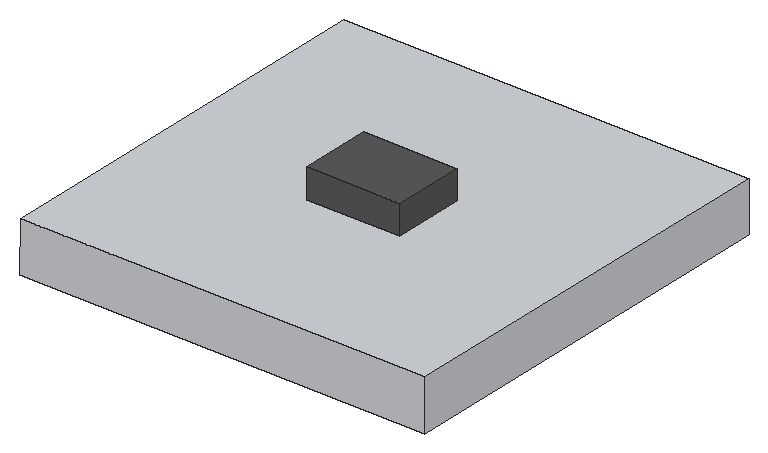
Revit family "r2018_videomax_storage", category Устройства связи, Revit 2018 (continued)
Definition of nested family "videomax_19 4U (JBOD)"
  Lines and regions (mm)
    model lines, visible <- "Front_500", detail levels fine
      curve 4072: line (88.715, 1277.861, 0) -> (88.715, 1290.092, 0)
      curve 4073: line (100.473, 1290.092, 0) -> (103.119, 1290.092, 0)
      curve 4074: line (103.119, 1290.092, 0) -> (103.119, 1277.861, 0)
      curve 4075: line (103.119, 1277.861, 0) -> (100.473, 1277.861, 0)
      curve 4076: line (100.473, 1277.861, 0) -> (100.473, 1290.092, 0)
      curve 4077: line (112.23, 1290.092, 0) -> (114.876, 1290.092, 0)
      curve 4078: line (114.876, 1290.092, 0) -> (114.876, 1277.861, 0)
      curve 4079: line (114.876, 1277.861, 0) -> (112.23, 1277.861, 0)
      curve 4080: line (112.23, 1277.861, 0) -> (112.23, 1290.092, 0)
      curve 4081: line (76.958, 1318.514, 0) -> (79.604, 1318.514, 0)
      curve 4082: line (79.604, 1318.514, 0) -> (79.604, 1306.282, 0)
      curve 4083: line (79.604, 1306.282, 0) -> (76.958, 1306.282, 0)
      curve 4084: line (76.958, 1306.282, 0) -> (76.958, 1318.514, 0)
      curve 4085: line (88.715, 1318.514, 0) -> (91.361, 1318.514, 0)
      curve 4086: line (91.361, 1318.514, 0) -> (91.361, 1306.282, 0)
      curve 4087: line (91.361, 1306.282, 0) -> (88.715, 1306.282, 0)
      curve 4088: line (88.715, 1306.282, 0) -> (88.715, 1318.514, 0)
      curve 4089: line (100.473, 1318.514, 0) -> (103.119, 1318.514, 0)
      curve 4090: line (103.119, 1318.514, 0) -> (103.119, 1306.282, 0)
      curve 4091: line (103.119, 1306.282, 0) -> (100.473, 1306.282, 0)
      curve 4092: line (100.473, 1306.282, 0) -> (100.473, 1318.514, 0)
      curve 4093: line (112.23, 1318.514, 0) -> (114.876, 1318.514, 0)
      curve 4094: line (114.876, 1318.514, 0) -> (114.876, 1306.282, 0)
      curve 4095: line (114.876, 1306.282, 0) -> (112.23, 1306.282, 0)
      curve 4096: line (112.23, 1306.282, 0) -> (112.23, 1318.514, 0)
      curve 4097: line (76.958, 1346.935, 0) -> (79.604, 1346.935, 0)
      curve 4098: line (79.604, 1346.935, 0) -> (79.604, 1334.704, 0)
      curve 4099: line (79.604, 1334.704, 0) -> (76.958, 1334.704, 0)
      curve 4100: line (76.958, 1334.704, 0) -> (76.958, 1346.935, 0)
      curve 4101: line (88.715, 1346.935, 0) -> (91.361, 1346.935, 0)
      curve 4102: line (91.361, 1346.935, 0) -> (91.361, 1334.704, 0)
      curve 4103: line (91.361, 1334.704, 0) -> (88.715, 1334.704, 0)
      curve 4104: line (88.715, 1334.704, 0) -> (88.715, 1346.935, 0)
      curve 4105: line (100.473, 1346.935, 0) -> (103.119, 1346.935, 0)
      curve 4106: line (103.119, 1346.935, 0) -> (103.119, 1334.704, 0)
      curve 4107: line (103.119, 1334.704, 0) -> (100.473, 1334.704, 0)
      curve 4108: line (100.473, 1334.704, 0) -> (100.473, 1346.935, 0)
      curve 4109: line (112.23, 1346.935, 0) -> (114.876, 1346.935, 0)
      curve 4110: line (114.876, 1346.935, 0) -> (114.876, 1334.704, 0)
      curve 4111: line (114.876, 1334.704, 0) -> (112.23, 1334.704, 0)
      curve 4112: line (112.23, 1334.704, 0) -> (112.23, 1346.935, 0)
      curve 4113: line (76.958, 1375.289, 0) -> (79.604, 1375.289, 0)
      curve 4114: line (79.604, 1375.289, 0) -> (79.604, 1363.057, 0)
      curve 4115: line (79.604, 1363.057, 0) -> (76.958, 1363.057, 0)
      curve 4116: line (76.958, 1363.057, 0) -> (76.958, 1375.289, 0)
      curve 4117: line (88.715, 1375.289, 0) -> (91.361, 1375.289, 0)
      curve 4118: line (91.361, 1375.289, 0) -> (91.361, 1363.057, 0)
      curve 4119: line (91.361, 1363.057, 0) -> (88.715, 1363.057, 0)
      curve 4120: line (88.715, 1363.057, 0) -> (88.715, 1375.289, 0)
      curve 4121: line (100.473, 1375.289, 0) -> (103.119, 1375.289, 0)
      curve 4122: line (103.119, 1375.289, 0) -> (103.119, 1363.057, 0)
      curve 4123: line (103.119, 1363.057, 0) -> (100.473, 1363.057, 0)
      curve 4124: line (100.473, 1363.057, 0) -> (100.473, 1375.289, 0)
      curve 4125: line (112.23, 1375.289, 0) -> (114.876, 1375.289, 0)
      curve 4126: line (114.876, 1375.289, 0) -> (114.876, 1363.057, 0)
      curve 4127: line (114.876, 1363.057, 0) -> (112.23, 1363.057, 0)
      curve 4128: line (112.23, 1363.057, 0) -> (112.23, 1375.289, 0)
      curve 4129: line (76.958, 1403.952, 0) -> (79.604, 1403.952, 0)
      curve 4130: line (79.604, 1403.952, 0) -> (79.604, 1391.721, 0)
      curve 4131: line (79.604, 1391.721, 0) -> (76.958, 1391.721, 0)
      curve 4132: line (76.958, 1391.721, 0) -> (76.958, 1403.952, 0)
      curve 4133: line (88.715, 1403.952, 0) -> (91.361, 1403.952, 0)
      curve 4134: line (91.361, 1403.952, 0) -> (91.361, 1391.721, 0)
      curve 4135: line (91.361, 1391.721, 0) -> (88.715, 1391.721, 0)
      curve 4136: line (88.715, 1391.721, 0) -> (88.715, 1403.952, 0)
      curve 4137: line (100.473, 1403.952, 0) -> (103.119, 1403.952, 0)
      curve 4138: line (103.119, 1403.952, 0) -> (103.119, 1391.721, 0)
      curve 4139: line (103.119, 1391.721, 0) -> (100.473, 1391.721, 0)
      curve 4140: line (100.473, 1391.721, 0) -> (100.473, 1403.952, 0)
      curve 4141: line (112.23, 1403.952, 0) -> (114.876, 1403.952, 0)
      curve 4142: line (114.876, 1403.952, 0) -> (114.876, 1391.721, 0)
      curve 4143: line (114.876, 1391.721, 0) -> (112.23, 1391.721, 0)
      curve 4144: line (112.23, 1391.721, 0) -> (112.23, 1403.952, 0)
      curve 4145: line (76.958, 1432.306, 0) -> (79.604, 1432.306, 0)
      curve 4146: line (79.604, 1432.306, 0) -> (79.604, 1420.074, 0)
      curve 4147: line (79.604, 1420.074, 0) -> (76.958, 1420.074, 0)
      curve 4148: line (76.958, 1420.074, 0) -> (76.958, 1432.306, 0)
      curve 4149: line (88.715, 1432.306, 0) -> (91.361, 1432.306, 0)
      curve 4150: line (91.361, 1432.306, 0) -> (91.361, 1420.074, 0)
      curve 4151: line (91.361, 1420.074, 0) -> (88.715, 1420.074, 0)
      curve 4152: line (88.715, 1420.074, 0) -> (88.715, 1432.306, 0)
      curve 4153: line (100.473, 1432.306, 0) -> (103.119, 1432.306, 0)
      curve 4154: line (103.119, 1432.306, 0) -> (103.119, 1420.074, 0)
      curve 4155: line (103.119, 1420.074, 0) -> (100.473, 1420.074, 0)
      curve 4156: line (100.473, 1420.074, 0) -> (100.473, 1432.306, 0)
      curve 4157: line (112.23, 1432.306, 0) -> (114.876, 1432.306, 0)
      curve 4158: line (114.876, 1432.306, 0) -> (114.876, 1420.074, 0)
      curve 4159: line (114.876, 1420.074, 0) -> (112.23, 1420.074, 0)
      curve 4160: line (112.23, 1420.074, 0) -> (112.23, 1432.306, 0)
      curve 4161: line (184.331, 1290.092, 0) -> (186.977, 1290.092, 0)
      curve 4162: line (186.977, 1290.092, 0) -> (186.977, 1277.861, 0)
      curve 4163: line (186.977, 1277.861, 0) -> (184.331, 1277.861, 0)
      curve 4164: line (184.331, 1277.861, 0) -> (184.331, 1290.092, 0)
      curve 4165: line (196.088, 1290.092, 0) -> (198.734, 1290.092, 0)
      curve 4166: line (198.734, 1290.092, 0) -> (198.734, 1277.861, 0)
      curve 4167: line (198.734, 1277.861, 0) -> (196.088, 1277.861, 0)
      curve 4168: line (196.088, 1277.861, 0) -> (196.088, 1290.092, 0)
      curve 4169: line (207.846, 1290.092, 0) -> (210.492, 1290.092, 0)
      curve 4170: line (210.492, 1290.092, 0) -> (210.492, 1277.861, 0)
      curve 4171: line (210.492, 1277.861, 0) -> (207.846, 1277.861, 0)
      curve 4172: line (207.846, 1277.861, 0) -> (207.846, 1290.092, 0)
      curve 4173: line (219.603, 1290.092, 0) -> (222.249, 1290.092, 0)
      curve 4174: line (222.249, 1290.092, 0) -> (222.249, 1277.861, 0)
      curve 4175: line (222.249, 1277.861, 0) -> (219.603, 1277.861, 0)
      curve 4176: line (219.603, 1277.861, 0) -> (219.603, 1290.092, 0)
      curve 4177: line (184.331, 1318.514, 0) -> (186.977, 1318.514, 0)
      curve 4178: line (186.977, 1318.514, 0) -> (186.977, 1306.282, 0)
      curve 4179: line (186.977, 1306.282, 0) -> (184.331, 1306.282, 0)
      curve 4180: line (184.331, 1306.282, 0) -> (184.331, 1318.514, 0)
      curve 4181: line (196.088, 1318.514, 0) -> (198.734, 1318.514, 0)
      curve 4182: line (198.734, 1318.514, 0) -> (198.734, 1306.282, 0)
      curve 4183: line (198.734, 1306.282, 0) -> (196.088, 1306.282, 0)
      curve 4184: line (196.088, 1306.282, 0) -> (196.088, 1318.514, 0)
      curve 4185: line (207.846, 1318.514, 0) -> (210.492, 1318.514, 0)
      curve 4186: line (210.492, 1318.514, 0) -> (210.492, 1306.282, 0)
      curve 4187: line (210.492, 1306.282, 0) -> (207.846, 1306.282, 0)
      curve 4188: line (207.846, 1306.282, 0) -> (207.846, 1318.514, 0)
      curve 4189: line (219.603, 1318.514, 0) -> (222.249, 1318.514, 0)
      curve 4190: line (222.249, 1318.514, 0) -> (222.249, 1306.282, 0)
      curve 4191: line (222.249, 1306.282, 0) -> (219.603, 1306.282, 0)
      curve 4192: line (219.603, 1306.282, 0) -> (219.603, 1318.514, 0)
      curve 4193: line (184.331, 1346.935, 0) -> (186.977, 1346.935, 0)
      curve 4194: line (186.977, 1346.935, 0) -> (186.977, 1334.704, 0)
      curve 4195: line (186.977, 1334.704, 0) -> (184.331, 1334.704, 0)
      curve 4196: line (184.331, 1334.704, 0) -> (184.331, 1346.935, 0)
      curve 4197: line (196.088, 1346.935, 0) -> (198.734, 1346.935, 0)
      curve 4198: line (198.734, 1346.935, 0) -> (198.734, 1334.704, 0)
      curve 4199: line (198.734, 1334.704, 0) -> (196.088, 1334.704, 0)
      curve 4200: line (196.088, 1334.704, 0) -> (196.088, 1346.935, 0)
      curve 4201: line (207.846, 1346.935, 0) -> (210.492, 1346.935, 0)
      curve 4202: line (210.492, 1346.935, 0) -> (210.492, 1334.704, 0)
      curve 4203: line (210.492, 1334.704, 0) -> (207.846, 1334.704, 0)
      curve 4204: line (207.846, 1334.704, 0) -> (207.846, 1346.935, 0)
      curve 4205: line (219.603, 1346.935, 0) -> (222.249, 1346.935, 0)
      curve 4206: line (222.249, 1346.935, 0) -> (222.249, 1334.704, 0)
      curve 4207: line (222.249, 1334.704, 0) -> (219.603, 1334.704, 0)
      curve 4208: line (219.603, 1334.704, 0) -> (219.603, 1346.935, 0)
      curve 4209: line (184.331, 1375.289, 0) -> (186.977, 1375.289, 0)
      curve 4210: line (186.977, 1375.289, 0) -> (186.977, 1363.057, 0)
      curve 4211: line (186.977, 1363.057, 0) -> (184.331, 1363.057, 0)
      curve 4212: line (184.331, 1363.057, 0) -> (184.331, 1375.289, 0)
      curve 4213: line (196.088, 1375.289, 0) -> (198.734, 1375.289, 0)
      curve 4214: line (198.734, 1375.289, 0) -> (198.734, 1363.057, 0)
      curve 4215: line (198.734, 1363.057, 0) -> (196.088, 1363.057, 0)
      curve 4216: line (196.088, 1363.057, 0) -> (196.088, 1375.289, 0)
      curve 4217: line (207.846, 1375.289, 0) -> (210.492, 1375.289, 0)
      curve 4218: line (210.492, 1375.289, 0) -> (210.492, 1363.057, 0)
      curve 4219: line (210.492, 1363.057, 0) -> (207.846, 1363.057, 0)
      curve 4220: line (207.846, 1363.057, 0) -> (207.846, 1375.289, 0)
      curve 4221: line (219.603, 1375.289, 0) -> (222.249, 1375.289, 0)
      curve 4222: line (222.249, 1375.289, 0) -> (222.249, 1363.057, 0)
      curve 4223: line (222.249, 1363.057, 0) -> (219.603, 1363.057, 0)
      curve 4224: line (219.603, 1363.057, 0) -> (219.603, 1375.289, 0)
      curve 4225: line (184.331, 1403.952, 0) -> (186.977, 1403.952, 0)
      curve 4226: line (186.977, 1403.952, 0) -> (186.977, 1391.721, 0)
      curve 4227: line (186.977, 1391.721, 0) -> (184.331, 1391.721, 0)
      curve 4228: line (184.331, 1391.721, 0) -> (184.331, 1403.952, 0)
      curve 4229: line (196.088, 1403.952, 0) -> (198.734, 1403.952, 0)
      curve 4230: line (198.734, 1403.952, 0) -> (198.734, 1391.721, 0)
      curve 4231: line (198.734, 1391.721, 0) -> (196.088, 1391.721, 0)
      curve 4232: line (196.088, 1391.721, 0) -> (196.088, 1403.952, 0)
      curve 4233: line (207.846, 1403.952, 0) -> (210.492, 1403.952, 0)
      curve 4234: line (210.492, 1403.952, 0) -> (210.492, 1391.721, 0)
      curve 4235: line (210.492, 1391.721, 0) -> (207.846, 1391.721, 0)
      curve 4236: line (207.846, 1391.721, 0) -> (207.846, 1403.952, 0)
      curve 4237: line (219.603, 1403.952, 0) -> (222.249, 1403.952, 0)
      curve 4238: line (222.249, 1403.952, 0) -> (222.249, 1391.721, 0)
      curve 4239: line (222.249, 1391.721, 0) -> (219.603, 1391.721, 0)
      curve 4240: line (219.603, 1391.721, 0) -> (219.603, 1403.952, 0)
      curve 4241: line (184.331, 1432.306, 0) -> (186.977, 1432.306, 0)
      curve 4242: line (186.977, 1432.306, 0) -> (186.977, 1420.074, 0)
      curve 4243: line (186.977, 1420.074, 0) -> (184.331, 1420.074, 0)
      curve 4244: line (184.331, 1420.074, 0) -> (184.331, 1432.306, 0)
      curve 4245: line (196.088, 1432.306, 0) -> (198.734, 1432.306, 0)
      curve 4246: line (198.734, 1432.306, 0) -> (198.734, 1420.074, 0)
      curve 4247: line (198.734, 1420.074, 0) -> (196.088, 1420.074, 0)
      curve 4248: line (196.088, 1420.074, 0) -> (196.088, 1432.306, 0)
      curve 4249: line (207.846, 1432.306, 0) -> (210.492, 1432.306, 0)
      curve 4250: line (210.492, 1432.306, 0) -> (210.492, 1420.074, 0)
      curve 4251: line (210.492, 1420.074, 0) -> (207.846, 1420.074, 0)
      curve 4252: line (207.846, 1420.074, 0) -> (207.846, 1432.306, 0)
      curve 4253: line (219.603, 1432.306, 0) -> (222.249, 1432.306, 0)
      curve 4254: line (222.249, 1432.306, 0) -> (222.249, 1420.074, 0)
      curve 4255: line (222.249, 1420.074, 0) -> (219.603, 1420.074, 0)
      curve 4256: line (219.603, 1420.074, 0) -> (219.603, 1432.306, 0)
      curve 4257: line (291.704, 1290.092, 0) -> (294.35, 1290.092, 0)
      curve 4258: line (294.35, 1290.092, 0) -> (294.35, 1277.861, 0)
      curve 4259: line (294.35, 1277.861, 0) -> (291.704, 1277.861, 0)
      curve 4260: line (291.704, 1277.861, 0) -> (291.704, 1290.092, 0)
      curve 4261: line (303.461, 1290.092, 0) -> (306.107, 1290.092, 0)
      curve 4262: line (306.107, 1290.092, 0) -> (306.107, 1277.861, 0)
      curve 4263: line (306.107, 1277.861, 0) -> (303.461, 1277.861, 0)
      curve 4264: line (303.461, 1277.861, 0) -> (303.461, 1290.092, 0)
      curve 4265: line (315.219, 1290.092, 0) -> (317.865, 1290.092, 0)
      curve 4266: line (317.865, 1290.092, 0) -> (317.865, 1277.861, 0)
      curve 4267: line (317.865, 1277.861, 0) -> (315.219, 1277.861, 0)
      curve 4268: line (315.219, 1277.861, 0) -> (315.219, 1290.092, 0)
      curve 4269: line (326.976, 1290.092, 0) -> (329.622, 1290.092, 0)
      curve 4270: line (329.622, 1290.092, 0) -> (329.622, 1277.861, 0)
      curve 4271: line (329.622, 1277.861, 0) -> (326.976, 1277.861, 0)
      curve 4272: line (326.976, 1277.861, 0) -> (326.976, 1290.092, 0)
      curve 4273: line (291.704, 1318.514, 0) -> (294.35, 1318.514, 0)
      curve 4274: line (294.35, 1318.514, 0) -> (294.35, 1306.282, 0)
      curve 4275: line (294.35, 1306.282, 0) -> (291.704, 1306.282, 0)
      curve 4276: line (291.704, 1306.282, 0) -> (291.704, 1318.514, 0)
      curve 4277: line (303.461, 1318.514, 0) -> (306.107, 1318.514, 0)
      curve 4278: line (306.107, 1318.514, 0) -> (306.107, 1306.282, 0)
      curve 4279: line (306.107, 1306.282, 0) -> (303.461, 1306.282, 0)
      curve 4280: line (303.461, 1306.282, 0) -> (303.461, 1318.514, 0)
      curve 4281: line (315.219, 1318.514, 0) -> (317.865, 1318.514, 0)
      curve 4282: line (317.865, 1318.514, 0) -> (317.865, 1306.282, 0)
      curve 4283: line (317.865, 1306.282, 0) -> (315.219, 1306.282, 0)
      curve 4284: line (315.219, 1306.282, 0) -> (315.219, 1318.514, 0)
      curve 4285: line (326.976, 1318.514, 0) -> (329.622, 1318.514, 0)
      curve 4286: line (329.622, 1318.514, 0) -> (329.622, 1306.282, 0)
      curve 4287: line (329.622, 1306.282, 0) -> (326.976, 1306.282, 0)
      curve 4288: line (326.976, 1306.282, 0) -> (326.976, 1318.514, 0)
      curve 4289: line (291.704, 1346.935, 0) -> (294.35, 1346.935, 0)
      curve 4290: line (294.35, 1346.935, 0) -> (294.35, 1334.704, 0)
      curve 4291: line (294.35, 1334.704, 0) -> (291.704, 1334.704, 0)
      curve 4292: line (291.704, 1334.704, 0) -> (291.704, 1346.935, 0)
      curve 4293: line (303.461, 1346.935, 0) -> (306.107, 1346.935, 0)
      curve 4294: line (306.107, 1346.935, 0) -> (306.107, 1334.704, 0)
      curve 4295: line (306.107, 1334.704, 0) -> (303.461, 1334.704, 0)
      curve 4296: line (303.461, 1334.704, 0) -> (303.461, 1346.935, 0)
      curve 4297: line (315.219, 1346.935, 0) -> (317.865, 1346.935, 0)
      curve 4298: line (317.865, 1346.935, 0) -> (317.865, 1334.704, 0)
      curve 4299: line (317.865, 1334.704, 0) -> (315.219, 1334.704, 0)
      curve 4300: line (315.219, 1334.704, 0) -> (315.219, 1346.935, 0)
      curve 4301: line (326.976, 1346.935, 0) -> (329.622, 1346.935, 0)
      curve 4302: line (329.622, 1346.935, 0) -> (329.622, 1334.704, 0)
      curve 4303: line (329.622, 1334.704, 0) -> (326.976, 1334.704, 0)
      curve 4304: line (326.976, 1334.704, 0) -> (326.976, 1346.935, 0)
      curve 4305: line (291.704, 1375.289, 0) -> (294.35, 1375.289, 0)
      curve 4306: line (294.35, 1375.289, 0) -> (294.35, 1363.057, 0)
      curve 4307: line (294.35, 1363.057, 0) -> (291.704, 1363.057, 0)
      curve 4308: line (291.704, 1363.057, 0) -> (291.704, 1375.289, 0)
      curve 4309: line (303.461, 1375.289, 0) -> (306.107, 1375.289, 0)
      curve 4310: line (306.107, 1375.289, 0) -> (306.107, 1363.057, 0)
      curve 4311: line (306.107, 1363.057, 0) -> (303.461, 1363.057, 0)
      curve 4312: line (303.461, 1363.057, 0) -> (303.461, 1375.289, 0)
      curve 4313: line (315.219, 1375.289, 0) -> (317.865, 1375.289, 0)
      curve 4314: line (317.865, 1375.289, 0) -> (317.865, 1363.057, 0)
      curve 4315: line (317.865, 1363.057, 0) -> (315.219, 1363.057, 0)
      curve 4316: line (315.219, 1363.057, 0) -> (315.219, 1375.289, 0)
      curve 4317: line (326.976, 1375.289, 0) -> (329.622, 1375.289, 0)
      curve 4318: line (329.622, 1375.289, 0) -> (329.622, 1363.057, 0)
      curve 4319: line (329.622, 1363.057, 0) -> (326.976, 1363.057, 0)
      curve 4320: line (326.976, 1363.057, 0) -> (326.976, 1375.289, 0)
      curve 4321: line (291.704, 1403.952, 0) -> (294.35, 1403.952, 0)
      curve 4322: line (294.35, 1403.952, 0) -> (294.35, 1391.721, 0)
      curve 4323: line (294.35, 1391.721, 0) -> (291.704, 1391.721, 0)
      curve 4324: line (291.704, 1391.721, 0) -> (291.704, 1403.952, 0)
      curve 4325: line (303.461, 1403.952, 0) -> (306.107, 1403.952, 0)
      curve 4326: line (306.107, 1403.952, 0) -> (306.107, 1391.721, 0)
      curve 4327: line (306.107, 1391.721, 0) -> (303.461, 1391.721, 0)
      curve 4328: line (303.461, 1391.721, 0) -> (303.461, 1403.952, 0)
      curve 4329: line (315.219, 1403.952, 0) -> (317.865, 1403.952, 0)
      curve 4330: line (317.865, 1403.952, 0) -> (317.865, 1391.721, 0)
      curve 4331: line (317.865, 1391.721, 0) -> (315.219, 1391.721, 0)
      curve 4332: line (315.219, 1391.721, 0) -> (315.219, 1403.952, 0)
      curve 4333: line (326.976, 1403.952, 0) -> (329.622, 1403.952, 0)
      curve 4334: line (329.622, 1403.952, 0) -> (329.622, 1391.721, 0)
      curve 4335: line (329.622, 1391.721, 0) -> (326.976, 1391.721, 0)
      curve 4336: line (326.976, 1391.721, 0) -> (326.976, 1403.952, 0)
      curve 4337: line (291.704, 1432.306, 0) -> (294.35, 1432.306, 0)
      curve 4338: line (294.35, 1432.306, 0) -> (294.35, 1420.074, 0)
      curve 4339: line (294.35, 1420.074, 0) -> (291.704, 1420.074, 0)
      curve 4340: line (291.704, 1420.074, 0) -> (291.704, 1432.306, 0)
      curve 4341: line (303.461, 1432.306, 0) -> (306.107, 1432.306, 0)
      curve 4342: line (306.107, 1432.306, 0) -> (306.107, 1420.074, 0)
      curve 4343: line (306.107, 1420.074, 0) -> (303.461, 1420.074, 0)
      curve 4344: line (303.461, 1420.074, 0) -> (303.461, 1432.306, 0)
      curve 4345: line (315.219, 1432.306, 0) -> (317.865, 1432.306, 0)
      curve 4346: line (317.865, 1432.306, 0) -> (317.865, 1420.074, 0)
      curve 4347: line (317.865, 1420.074, 0) -> (315.219, 1420.074, 0)
      curve 4348: line (315.219, 1420.074, 0) -> (315.219, 1432.306, 0)
      curve 4349: line (326.976, 1432.306, 0) -> (329.622, 1432.306, 0)
      curve 4350: line (329.622, 1432.306, 0) -> (329.622, 1420.074, 0)
      curve 4351: line (329.622, 1420.074, 0) -> (326.976, 1420.074, 0)
      curve 4352: line (326.976, 1420.074, 0) -> (326.976, 1432.306, 0)
      curve 4353: line (399.077, 1290.092, 0) -> (401.723, 1290.092, 0)
      curve 4354: line (401.723, 1290.092, 0) -> (401.723, 1277.861, 0)
      curve 4355: line (401.723, 1277.861, 0) -> (399.077, 1277.861, 0)
      curve 4356: line (399.077, 1277.861, 0) -> (399.077, 1290.092, 0)
      curve 4357: line (410.834, 1290.092, 0) -> (413.48, 1290.092, 0)
      curve 4358: line (413.48, 1290.092, 0) -> (413.48, 1277.861, 0)
      curve 4359: line (413.48, 1277.861, 0) -> (410.834, 1277.861, 0)
      curve 4360: line (410.834, 1277.861, 0) -> (410.834, 1290.092, 0)
      curve 4361: line (422.592, 1290.092, 0) -> (425.237, 1290.092, 0)
      curve 4362: line (425.237, 1290.092, 0) -> (425.237, 1277.861, 0)
      curve 4363: line (425.237, 1277.861, 0) -> (422.592, 1277.861, 0)
      curve 4364: line (422.592, 1277.861, 0) -> (422.592, 1290.092, 0)
      curve 4365: line (434.349, 1290.092, 0) -> (436.995, 1290.092, 0)
      curve 4366: line (436.995, 1290.092, 0) -> (436.995, 1277.861, 0)
      curve 4367: line (436.995, 1277.861, 0) -> (434.349, 1277.861, 0)
      curve 4368: line (434.349, 1277.861, 0) -> (434.349, 1290.092, 0)
      curve 4369: line (399.077, 1318.514, 0) -> (401.723, 1318.514, 0)
      curve 4370: line (401.723, 1318.514, 0) -> (401.723, 1306.282, 0)
      curve 4371: line (401.723, 1306.282, 0) -> (399.077, 1306.282, 0)
      curve 4372: line (399.077, 1306.282, 0) -> (399.077, 1318.514, 0)
      curve 4373: line (410.834, 1318.514, 0) -> (413.48, 1318.514, 0)
      curve 4374: line (413.48, 1318.514, 0) -> (413.48, 1306.282, 0)
      curve 4375: line (413.48, 1306.282, 0) -> (410.834, 1306.282, 0)
      curve 4376: line (410.834, 1306.282, 0) -> (410.834, 1318.514, 0)
      curve 4377: line (422.592, 1318.514, 0) -> (425.237, 1318.514, 0)
      curve 4378: line (425.237, 1318.514, 0) -> (425.237, 1306.282, 0)
      curve 4379: line (425.237, 1306.282, 0) -> (422.592, 1306.282, 0)
      curve 4380: line (422.592, 1306.282, 0) -> (422.592, 1318.514, 0)
      curve 4381: line (434.349, 1318.514, 0) -> (436.995, 1318.514, 0)
      curve 4382: line (436.995, 1318.514, 0) -> (436.995, 1306.282, 0)
      curve 4383: line (436.995, 1306.282, 0) -> (434.349, 1306.282, 0)
      curve 4384: line (434.349, 1306.282, 0) -> (434.349, 1318.514, 0)
      curve 4385: line (399.077, 1346.935, 0) -> (401.723, 1346.935, 0)
      curve 4386: line (401.723, 1346.935, 0) -> (401.723, 1334.704, 0)
      curve 4387: line (401.723, 1334.704, 0) -> (399.077, 1334.704, 0)
      curve 4388: line (399.077, 1334.704, 0) -> (399.077, 1346.935, 0)
      curve 4389: line (410.834, 1346.935, 0) -> (413.48, 1346.935, 0)
      curve 4390: line (413.48, 1346.935, 0) -> (413.48, 1334.704, 0)
      curve 4391: line (413.48, 1334.704, 0) -> (410.834, 1334.704, 0)
      curve 4392: line (410.834, 1334.704, 0) -> (410.834, 1346.935, 0)
      curve 4393: line (422.592, 1346.935, 0) -> (425.237, 1346.935, 0)
      curve 4394: line (425.237, 1346.935, 0) -> (425.237, 1334.704, 0)
      curve 4395: line (425.237, 1334.704, 0) -> (422.592, 1334.704, 0)
      curve 4396: line (422.592, 1334.704, 0) -> (422.592, 1346.935, 0)
      curve 4397: line (434.349, 1346.935, 0) -> (436.995, 1346.935, 0)
      curve 4398: line (436.995, 1346.935, 0) -> (436.995, 1334.704, 0)
      curve 4399: line (436.995, 1334.704, 0) -> (434.349, 1334.704, 0)
      curve 4400: line (434.349, 1334.704, 0) -> (434.349, 1346.935, 0)
      curve 4401: line (399.077, 1375.289, 0) -> (401.723, 1375.289, 0)
      curve 4402: line (401.723, 1375.289, 0) -> (401.723, 1363.057, 0)
      curve 4403: line (401.723, 1363.057, 0) -> (399.077, 1363.057, 0)
      curve 4404: line (399.077, 1363.057, 0) -> (399.077, 1375.289, 0)
      curve 4405: line (410.834, 1375.289, 0) -> (413.48, 1375.289, 0)
      curve 4406: line (413.48, 1375.289, 0) -> (413.48, 1363.057, 0)
      curve 4407: line (413.48, 1363.057, 0) -> (410.834, 1363.057, 0)
      curve 4408: line (410.834, 1363.057, 0) -> (410.834, 1375.289, 0)
      curve 4409: line (422.592, 1375.289, 0) -> (425.237, 1375.289, 0)
      curve 4410: line (425.237, 1375.289, 0) -> (425.237, 1363.057, 0)
      curve 4411: line (425.237, 1363.057, 0) -> (422.592, 1363.057, 0)
      curve 4412: line (422.592, 1363.057, 0) -> (422.592, 1375.289, 0)
      curve 4413: line (434.349, 1375.289, 0) -> (436.995, 1375.289, 0)
      curve 4414: line (436.995, 1375.289, 0) -> (436.995, 1363.057, 0)
      curve 4415: line (436.995, 1363.057, 0) -> (434.349, 1363.057, 0)
      curve 4416: line (434.349, 1363.057, 0) -> (434.349, 1375.289, 0)
      curve 4417: line (399.077, 1403.952, 0) -> (401.723, 1403.952, 0)
      curve 4418: line (401.723, 1403.952, 0) -> (401.723, 1391.721, 0)
      curve 4419: line (401.723, 1391.721, 0) -> (399.077, 1391.721, 0)
      curve 4420: line (399.077, 1391.721, 0) -> (399.077, 1403.952, 0)
      curve 4421: line (410.834, 1403.952, 0) -> (413.48, 1403.952, 0)
      curve 4422: line (413.48, 1403.952, 0) -> (413.48, 1391.721, 0)
      curve 4423: line (413.48, 1391.721, 0) -> (410.834, 1391.721, 0)
      curve 4424: line (410.834, 1391.721, 0) -> (410.834, 1403.952, 0)
      curve 4425: line (422.592, 1403.952, 0) -> (425.237, 1403.952, 0)
      curve 4426: line (425.237, 1403.952, 0) -> (425.237, 1391.721, 0)
      curve 4427: line (425.237, 1391.721, 0) -> (422.592, 1391.721, 0)
      curve 4428: line (422.592, 1391.721, 0) -> (422.592, 1403.952, 0)
      curve 4429: line (434.349, 1403.952, 0) -> (436.995, 1403.952, 0)
      curve 4430: line (436.995, 1403.952, 0) -> (436.995, 1391.721, 0)
      curve 4431: line (436.995, 1391.721, 0) -> (434.349, 1391.721, 0)
      curve 4432: line (434.349, 1391.721, 0) -> (434.349, 1403.952, 0)
      curve 4433: line (399.077, 1432.306, 0) -> (401.723, 1432.306, 0)
      curve 4434: line (401.723, 1432.306, 0) -> (401.723, 1420.074, 0)
      curve 4435: line (401.723, 1420.074, 0) -> (399.077, 1420.074, 0)
      curve 4436: line (399.077, 1420.074, 0) -> (399.077, 1432.306, 0)
      curve 4437: line (410.834, 1432.306, 0) -> (413.48, 1432.306, 0)
      curve 4438: line (413.48, 1432.306, 0) -> (413.48, 1420.074, 0)
      curve 4439: line (413.48, 1420.074, 0) -> (410.834, 1420.074, 0)
      curve 4440: line (410.834, 1420.074, 0) -> (410.834, 1432.306, 0)
      curve 4441: line (422.592, 1432.306, 0) -> (425.237, 1432.306, 0)
      curve 4442: line (425.237, 1432.306, 0) -> (425.237, 1420.074, 0)
      curve 4443: line (425.237, 1420.074, 0) -> (422.592, 1420.074, 0)
      curve 4444: line (422.592, 1420.074, 0) -> (422.592, 1432.306, 0)
      curve 4445: line (434.349, 1432.306, 0) -> (436.995, 1432.306, 0)
      curve 4446: line (436.995, 1432.306, 0) -> (436.995, 1420.074, 0)
      curve 4447: line (436.995, 1420.074, 0) -> (434.349, 1420.074, 0)
      curve 4448: line (434.349, 1420.074, 0) -> (434.349, 1432.306, 0)
      curve 4460: line (48.361, 1384.741, 0) -> (112.768, 1388.841, 0)
      curve 4461: line (112.768, 1388.841, 0) -> (135.013, 1389.584, 0)
      curve 4462: line (135.013, 1389.584, 0) -> (135.013, 1390.969, 0)
      curve 4463: line (135.013, 1390.969, 0) -> (131.465, 1393.579, 0)
      curve 4464: line (131.465, 1393.579, 0) -> (129.457, 1396.21, 0)
      curve 4465: line (129.457, 1396.21, 0) -> (129.08, 1398.805, 0)
      curve 4466: line (129.08, 1398.805, 0) -> (130.458, 1401.354, 0)
      curve 4467: line (130.458, 1401.354, 0) -> (133.591, 1403.804, 0)
      curve 4468: line (133.591, 1403.804, 0) -> (135.018, 1404.643, 0)
      curve 4469: line (135.018, 1404.643, 0) -> (135.018, 1406.045, 0)
      curve 4470: line (135.018, 1406.045, 0) -> (111.313, 1406.628, 0)
      curve 4471: line (111.313, 1406.628, 0) -> (78.301, 1408.193, 0)
      curve 4472: line (78.301, 1408.193, 0) -> (50.451, 1410.815, 0)
      curve 4473: line (68.65, 1409.101, 0) -> (147.969, 1409.101, 0)
      curve 4474: line (147.969, 1409.101, 0) -> (147.969, 1386.372, 0)
      curve 4475: line (147.969, 1386.372, 0) -> (73.976, 1386.372, 0)
      curve 4476: line (133.511, 1403.742, 0) -> (133.511, 1392.146, 0)
      curve 4484: line (48.361, 1413.095, 0) -> (112.768, 1417.194, 0)
      curve 4485: line (112.768, 1417.194, 0) -> (135.013, 1417.937, 0)
      curve 4486: line (135.013, 1417.937, 0) -> (135.013, 1419.322, 0)
      curve 4487: line (135.013, 1419.322, 0) -> (131.465, 1421.933, 0)
      curve 4488: line (131.465, 1421.933, 0) -> (129.457, 1424.563, 0)
      curve 4489: line (129.457, 1424.563, 0) -> (129.08, 1427.159, 0)
      curve 4490: line (129.08, 1427.159, 0) -> (130.458, 1429.708, 0)
      curve 4491: line (130.458, 1429.708, 0) -> (133.591, 1432.158, 0)
      curve 4492: line (133.591, 1432.158, 0) -> (135.018, 1432.996, 0)
      curve 4493: line (135.018, 1432.996, 0) -> (135.018, 1434.399, 0)
      curve 4494: line (135.018, 1434.399, 0) -> (111.313, 1434.981, 0)
      curve 4495: line (111.313, 1434.981, 0) -> (78.301, 1436.546, 0)
      curve 4496: line (78.301, 1436.546, 0) -> (50.451, 1439.168, 0)
      curve 4497: line (68.65, 1437.455, 0) -> (147.969, 1437.455, 0)
      curve 4498: line (147.969, 1437.455, 0) -> (147.969, 1414.725, 0)
      curve 4499: line (147.969, 1414.725, 0) -> (73.976, 1414.725, 0)
      curve 4500: line (133.511, 1432.095, 0) -> (133.511, 1420.5, 0)
      curve 4508: line (155.734, 1413.095, 0) -> (220.141, 1417.194, 0)
      curve 4509: line (220.141, 1417.194, 0) -> (242.386, 1417.937, 0)
      curve 4510: line (242.386, 1417.937, 0) -> (242.386, 1419.322, 0)
      curve 4511: line (242.386, 1419.322, 0) -> (238.838, 1421.933, 0)
      curve 4512: line (238.838, 1421.933, 0) -> (236.83, 1424.563, 0)
      curve 4513: line (236.83, 1424.563, 0) -> (236.452, 1427.159, 0)
      curve 4514: line (236.452, 1427.159, 0) -> (237.831, 1429.708, 0)
      curve 4515: line (237.831, 1429.708, 0) -> (240.964, 1432.158, 0)
      curve 4516: line (240.964, 1432.158, 0) -> (242.391, 1432.996, 0)
      curve 4517: line (242.391, 1432.996, 0) -> (242.391, 1434.399, 0)
      curve 4518: line (242.391, 1434.399, 0) -> (218.686, 1434.981, 0)
      curve 4519: line (218.686, 1434.981, 0) -> (185.673, 1436.546, 0)
      curve 4520: line (185.673, 1436.546, 0) -> (157.824, 1439.168, 0)
      curve 4521: line (176.023, 1437.455, 0) -> (255.342, 1437.455, 0)
      curve 4522: line (255.342, 1437.455, 0) -> (255.342, 1414.725, 0)
      curve 4523: line (255.342, 1414.725, 0) -> (181.349, 1414.725, 0)
      curve 4524: line (240.884, 1432.095, 0) -> (240.884, 1420.5, 0)
      curve 4532: line (155.734, 1384.741, 0) -> (220.141, 1388.841, 0)
      curve 4533: line (220.141, 1388.841, 0) -> (242.386, 1389.584, 0)
      curve 4534: line (242.386, 1389.584, 0) -> (242.386, 1390.969, 0)
      curve 4535: line (242.386, 1390.969, 0) -> (238.838, 1393.579, 0)
      curve 4536: line (238.838, 1393.579, 0) -> (236.83, 1396.21, 0)
      curve 4537: line (236.83, 1396.21, 0) -> (236.452, 1398.805, 0)
      curve 4538: line (236.452, 1398.805, 0) -> (237.831, 1401.354, 0)
      curve 4539: line (237.831, 1401.354, 0) -> (240.964, 1403.804, 0)
      curve 4540: line (240.964, 1403.804, 0) -> (242.391, 1404.643, 0)
      curve 4541: line (242.391, 1404.643, 0) -> (242.391, 1406.045, 0)
      curve 4542: line (242.391, 1406.045, 0) -> (218.686, 1406.628, 0)
      curve 4543: line (218.686, 1406.628, 0) -> (185.673, 1408.193, 0)
      curve 4544: line (185.673, 1408.193, 0) -> (157.824, 1410.815, 0)
      curve 4545: line (176.023, 1409.101, 0) -> (255.342, 1409.101, 0)
      curve 4546: line (255.342, 1409.101, 0) -> (255.342, 1386.372, 0)
      curve 4547: line (255.342, 1386.372, 0) -> (181.349, 1386.372, 0)
      curve 4548: line (240.884, 1403.742, 0) -> (240.884, 1392.146, 0)
      curve 4556: line (263.107, 1384.741, 0) -> (327.514, 1388.841, 0)
      curve 4557: line (327.514, 1388.841, 0) -> (349.759, 1389.584, 0)
      curve 4558: line (349.759, 1389.584, 0) -> (349.759, 1390.969, 0)
      curve 4559: line (349.759, 1390.969, 0) -> (346.211, 1393.579, 0)
      curve 4560: line (346.211, 1393.579, 0) -> (344.203, 1396.21, 0)
      curve 4561: line (344.203, 1396.21, 0) -> (343.825, 1398.805, 0)
      curve 4562: line (343.825, 1398.805, 0) -> (345.204, 1401.354, 0)
      curve 4563: line (345.204, 1401.354, 0) -> (348.337, 1403.804, 0)
      curve 4564: line (348.337, 1403.804, 0) -> (349.764, 1404.643, 0)
      curve 4565: line (349.764, 1404.643, 0) -> (349.764, 1406.045, 0)
      curve 4566: line (349.764, 1406.045, 0) -> (326.059, 1406.628, 0)
      curve 4567: line (326.059, 1406.628, 0) -> (293.046, 1408.193, 0)
      curve 4568: line (293.046, 1408.193, 0) -> (265.197, 1410.815, 0)
      curve 4569: line (283.396, 1409.101, 0) -> (362.715, 1409.101, 0)
      curve 4570: line (362.715, 1409.101, 0) -> (362.715, 1386.372, 0)
      curve 4571: line (362.715, 1386.372, 0) -> (288.722, 1386.372, 0)
      curve 4572: line (348.257, 1403.742, 0) -> (348.257, 1392.146, 0)
      curve 4580: line (263.107, 1413.095, 0) -> (327.514, 1417.194, 0)
      curve 4581: line (327.514, 1417.194, 0) -> (349.759, 1417.937, 0)
      curve 4582: line (349.759, 1417.937, 0) -> (349.759, 1419.322, 0)
      curve 4583: line (349.759, 1419.322, 0) -> (346.211, 1421.933, 0)
      curve 4584: line (346.211, 1421.933, 0) -> (344.203, 1424.563, 0)
      curve 4585: line (344.203, 1424.563, 0) -> (343.825, 1427.159, 0)
      curve 4586: line (343.825, 1427.159, 0) -> (345.204, 1429.708, 0)
      curve 4587: line (345.204, 1429.708, 0) -> (348.337, 1432.158, 0)
      curve 4588: line (348.337, 1432.158, 0) -> (349.764, 1432.996, 0)
      curve 4589: line (349.764, 1432.996, 0) -> (349.764, 1434.399, 0)
      curve 4590: line (349.764, 1434.399, 0) -> (326.059, 1434.981, 0)
      curve 4591: line (326.059, 1434.981, 0) -> (293.046, 1436.546, 0)
      curve 4592: line (293.046, 1436.546, 0) -> (265.197, 1439.168, 0)
      curve 4593: line (283.396, 1437.455, 0) -> (362.715, 1437.455, 0)
      curve 4594: line (362.715, 1437.455, 0) -> (362.715, 1414.725, 0)
      curve 4595: line (362.715, 1414.725, 0) -> (288.722, 1414.725, 0)
      curve 4596: line (348.257, 1432.095, 0) -> (348.257, 1420.5, 0)
      curve 4604: line (370.48, 1413.095, 0) -> (434.887, 1417.194, 0)
      curve 4605: line (434.887, 1417.194, 0) -> (457.132, 1417.937, 0)
      curve 4606: line (457.132, 1417.937, 0) -> (457.132, 1419.322, 0)
      curve 4607: line (457.132, 1419.322, 0) -> (453.584, 1421.933, 0)
      curve 4608: line (453.584, 1421.933, 0) -> (451.575, 1424.563, 0)
      curve 4609: line (451.575, 1424.563, 0) -> (451.198, 1427.159, 0)
      curve 4610: line (451.198, 1427.159, 0) -> (452.577, 1429.708, 0)
      curve 4611: line (452.577, 1429.708, 0) -> (455.71, 1432.158, 0)
      curve 4612: line (455.71, 1432.158, 0) -> (457.137, 1432.996, 0)
      curve 4613: line (457.137, 1432.996, 0) -> (457.137, 1434.399, 0)
      curve 4614: line (457.137, 1434.399, 0) -> (433.431, 1434.981, 0)
      curve 4615: line (433.431, 1434.981, 0) -> (400.419, 1436.546, 0)
      curve 4616: line (400.419, 1436.546, 0) -> (372.57, 1439.168, 0)
      curve 4617: line (390.769, 1437.455, 0) -> (470.088, 1437.455, 0)
      curve 4618: line (470.088, 1437.455, 0) -> (470.088, 1414.725, 0)
      curve 4619: line (470.088, 1414.725, 0) -> (396.095, 1414.725, 0)
      curve 4620: line (455.63, 1432.095, 0) -> (455.63, 1420.5, 0)
      curve 4628: line (370.48, 1384.741, 0) -> (434.887, 1388.841, 0)
      curve 4629: line (434.887, 1388.841, 0) -> (457.132, 1389.584, 0)
      curve 4630: line (457.132, 1389.584, 0) -> (457.132, 1390.969, 0)
      curve 4631: line (457.132, 1390.969, 0) -> (453.584, 1393.579, 0)
      curve 4632: line (453.584, 1393.579, 0) -> (451.575, 1396.21, 0)
      curve 4633: line (451.575, 1396.21, 0) -> (451.198, 1398.805, 0)
      curve 4634: line (451.198, 1398.805, 0) -> (452.577, 1401.354, 0)
      curve 4635: line (452.577, 1401.354, 0) -> (455.71, 1403.804, 0)
      curve 4636: line (455.71, 1403.804, 0) -> (457.137, 1404.643, 0)
      curve 4637: line (457.137, 1404.643, 0) -> (457.137, 1406.045, 0)
      curve 4638: line (457.137, 1406.045, 0) -> (433.431, 1406.628, 0)
      curve 4639: line (433.431, 1406.628, 0) -> (400.419, 1408.193, 0)
      curve 4640: line (400.419, 1408.193, 0) -> (372.57, 1410.815, 0)
      curve 4641: line (390.769, 1409.101, 0) -> (470.088, 1409.101, 0)
      curve 4642: line (470.088, 1409.101, 0) -> (470.088, 1386.372, 0)
      curve 4643: line (470.088, 1386.372, 0) -> (396.095, 1386.372, 0)
      curve 4644: line (455.63, 1403.742, 0) -> (455.63, 1392.146, 0)
    model lines, visible <- "Front", detail levels fine
      curve 923: arc (-240.999, 173.599, 0) -> (-240.275, 175.296, 0) -> (-238.569, 176, 0) r 2.437
      curve 924: arc (238.568, 176, 0) -> (240.287, 175.286, 0) -> (241.001, 173.568, 0) r 2.437
      curve 925: arc (241.001, 2.527, 0) -> (240.321, 0.748, 0) -> (238.569, 0, 0) r 2.44
      curve 926: arc (-238.603, 0, 0) -> (-240.285, 0.714, 0) -> (-240.999, 2.396, 0) r 2.438
      curve 927: arc (-229.583, 162.786, 0) -> (-225.939, 159.11, 0) -> (-229.583, 155.433, 0) r 3.676
      curve 928: arc (-233.317, 155.433, 0) -> (-236.962, 159.11, 0) -> (-233.317, 162.786, 0) r 3.676
      curve 929: arc (-233.317, 20.567, 0) -> (-236.962, 16.89, 0) -> (-233.317, 13.214, 0) r 3.676
      curve 930: arc (-229.583, 13.214, 0) -> (-225.939, 16.89, 0) -> (-229.583, 20.567, 0) r 3.676
      curve 931: arc (232.797, 162.786, 0) -> (236.442, 159.11, 0) -> (232.797, 155.433, 0) r 3.676
      curve 932: arc (229.063, 155.433, 0) -> (225.419, 159.11, 0) -> (229.063, 162.786, 0) r 3.676
      curve 933: arc (229.063, 20.567, 0) -> (225.419, 16.89, 0) -> (229.063, 13.214, 0) r 3.676
      curve 934: arc (232.797, 13.214, 0) -> (236.442, 16.89, 0) -> (232.797, 20.567, 0) r 3.676
      curve 935: arc (-237.724, 126.934, 0) -> (-234.683, 130.2, 0) -> (-231.642, 126.934, 0) r 3.049
      curve 936: arc (-231.642, 49.993, 0) -> (-234.683, 47.12, 0) -> (-237.724, 49.993, 0) r 3.046
      curve 937: arc (231.122, 126.934, 0) -> (234.163, 130.199, 0) -> (237.204, 126.934, 0) r 3.049
      curve 938: arc (237.204, 49.993, 0) -> (234.163, 47.12, 0) -> (231.122, 49.993, 0) r 3.046
      curve 1261: line (-211.75, 112.504, 0) -> (-211.738, 114.874, 0)
      curve 1262: line (-211.738, 114.874, 0) -> (-110.39, 114.874, 0)
      curve 1263: line (-110.39, 114.874, 0) -> (-110.39, 88.958, 0)
      curve 1264: line (-110.39, 88.958, 0) -> (-112.894, 88.661, 0)
      curve 1265: line (-112.894, 88.661, 0) -> (-211.091, 88.661, 0)
      curve 1266: line (-211.091, 88.661, 0) -> (-211.734, 88.737, 0)
      curve 1267: line (-211.734, 88.737, 0) -> (-211.734, 112.504, 0)
      curve 1375: line (-211.751, 84.146, 0) -> (-211.74, 86.516, 0)
      curve 1376: line (-211.74, 86.516, 0) -> (-110.391, 86.516, 0)
      curve 1377: line (-110.391, 86.516, 0) -> (-110.391, 60.6, 0)
      curve 1378: line (-110.391, 60.6, 0) -> (-112.895, 60.303, 0)
      curve 1379: line (-112.895, 60.303, 0) -> (-211.093, 60.303, 0)
      curve 1380: line (-211.093, 60.303, 0) -> (-211.735, 60.38, 0)
      curve 1381: line (-211.735, 60.38, 0) -> (-211.735, 84.146, 0)
      curve 1399: line (-211.794, 55.806, 0) -> (-211.783, 58.175, 0)
      curve 1400: line (-211.783, 58.175, 0) -> (-110.435, 58.175, 0)
      curve 1401: line (-110.435, 58.175, 0) -> (-110.435, 32.259, 0)
      curve 1402: line (-110.435, 32.259, 0) -> (-112.939, 31.962, 0)
      curve 1403: line (-112.939, 31.962, 0) -> (-211.136, 31.962, 0)
      curve 1404: line (-211.136, 31.962, 0) -> (-211.778, 32.039, 0)
      curve 1405: line (-211.778, 32.039, 0) -> (-211.778, 55.806, 0)
      curve 1423: line (-211.642, 27.313, 0) -> (-211.631, 29.683, 0)
      curve 1424: line (-211.631, 29.683, 0) -> (-110.283, 29.683, 0)
      curve 1425: line (-110.283, 29.683, 0) -> (-110.283, 3.767, 0)
      curve 1426: line (-110.283, 3.767, 0) -> (-112.787, 3.47, 0)
      curve 1427: line (-112.787, 3.47, 0) -> (-210.984, 3.47, 0)
      curve 1428: line (-210.984, 3.47, 0) -> (-211.626, 3.546, 0)
      curve 1429: line (-211.626, 3.546, 0) -> (-211.626, 27.313, 0)
      curve 1447: line (-104.472, 112.461, 0) -> (-104.461, 114.831, 0)
      curve 1448: line (-104.461, 114.831, 0) -> (-3.113, 114.831, 0)
      curve 1449: line (-3.113, 114.831, 0) -> (-3.113, 88.915, 0)
      curve 1450: line (-3.113, 88.915, 0) -> (-5.617, 88.618, 0)
      curve 1451: line (-5.617, 88.618, 0) -> (-103.814, 88.618, 0)
      curve 1452: line (-103.814, 88.618, 0) -> (-104.456, 88.694, 0)
      curve 1453: line (-104.456, 88.694, 0) -> (-104.456, 112.461, 0)
      curve 1471: line (-104.474, 84.103, 0) -> (-104.462, 86.473, 0)
      curve 1472: line (-104.462, 86.473, 0) -> (-3.114, 86.473, 0)
      curve 1473: line (-3.114, 86.473, 0) -> (-3.114, 60.557, 0)
      curve 1474: line (-3.114, 60.557, 0) -> (-5.618, 60.26, 0)
      curve 1475: line (-5.618, 60.26, 0) -> (-103.815, 60.26, 0)
      curve 1476: line (-103.815, 60.26, 0) -> (-104.458, 60.336, 0)
      curve 1477: line (-104.458, 60.336, 0) -> (-104.458, 84.103, 0)
      curve 1495: line (-104.517, 55.762, 0) -> (-104.505, 58.132, 0)
      curve 1496: line (-104.505, 58.132, 0) -> (-3.157, 58.132, 0)
      curve 1497: line (-3.157, 58.132, 0) -> (-3.157, 32.216, 0)
      curve 1498: line (-3.157, 32.216, 0) -> (-5.661, 31.919, 0)
      curve 1499: line (-5.661, 31.919, 0) -> (-103.859, 31.919, 0)
      curve 1500: line (-103.859, 31.919, 0) -> (-104.501, 31.995, 0)
      curve 1501: line (-104.501, 31.995, 0) -> (-104.501, 55.762, 0)
      curve 1519: line (-104.365, 27.27, 0) -> (-104.353, 29.64, 0)
      curve 1520: line (-104.353, 29.64, 0) -> (-3.005, 29.64, 0)
      curve 1521: line (-3.005, 29.64, 0) -> (-3.005, 3.724, 0)
      curve 1522: line (-3.005, 3.724, 0) -> (-5.509, 3.427, 0)
      curve 1523: line (-5.509, 3.427, 0) -> (-103.707, 3.427, 0)
      curve 1524: line (-103.707, 3.427, 0) -> (-104.349, 3.503, 0)
      curve 1525: line (-104.349, 3.503, 0) -> (-104.349, 27.27, 0)
      curve 1543: line (2.889, 112.228, 0) -> (2.9, 114.598, 0)
      curve 1544: line (2.9, 114.598, 0) -> (104.248, 114.598, 0)
      curve 1545: line (104.248, 114.598, 0) -> (104.248, 88.682, 0)
      curve 1546: line (104.248, 88.682, 0) -> (101.744, 88.385, 0)
      curve 1547: line (101.744, 88.385, 0) -> (3.547, 88.385, 0)
      curve 1548: line (3.547, 88.385, 0) -> (2.905, 88.461, 0)
      curve 1549: line (2.905, 88.461, 0) -> (2.905, 112.228, 0)
      curve 1567: line (2.887, 83.87, 0) -> (2.899, 86.24, 0)
      curve 1568: line (2.899, 86.24, 0) -> (104.247, 86.24, 0)
      curve 1569: line (104.247, 86.24, 0) -> (104.247, 60.324, 0)
      curve 1570: line (104.247, 60.324, 0) -> (101.743, 60.027, 0)
      curve 1571: line (101.743, 60.027, 0) -> (3.546, 60.027, 0)
      curve 1572: line (3.546, 60.027, 0) -> (2.904, 60.103, 0)
      curve 1573: line (2.904, 60.103, 0) -> (2.904, 83.87, 0)
      curve 1591: line (2.844, 55.529, 0) -> (2.856, 57.899, 0)
      curve 1592: line (2.856, 57.899, 0) -> (104.204, 57.899, 0)
      curve 1593: line (104.204, 57.899, 0) -> (104.204, 31.983, 0)
      curve 1594: line (104.204, 31.983, 0) -> (101.7, 31.686, 0)
      curve 1595: line (101.7, 31.686, 0) -> (3.503, 31.686, 0)
      curve 1596: line (3.503, 31.686, 0) -> (2.86, 31.762, 0)
      curve 1597: line (2.86, 31.762, 0) -> (2.86, 55.529, 0)
      curve 1615: line (2.996, 27.037, 0) -> (3.008, 29.407, 0)
      curve 1616: line (3.008, 29.407, 0) -> (104.356, 29.407, 0)
      curve 1617: line (104.356, 29.407, 0) -> (104.356, 3.491, 0)
      curve 1618: line (104.356, 3.491, 0) -> (101.852, 3.194, 0)
      curve 1619: line (101.852, 3.194, 0) -> (3.655, 3.194, 0)
      curve 1620: line (3.655, 3.194, 0) -> (3.012, 3.27, 0)
      curve 1621: line (3.012, 3.27, 0) -> (3.012, 27.037, 0)
      curve 1639: line (110.307, 112.479, 0) -> (110.319, 114.849, 0)
      curve 1640: line (110.319, 114.849, 0) -> (211.667, 114.849, 0)
      curve 1641: line (211.667, 114.849, 0) -> (211.667, 88.933, 0)
      curve 1642: line (211.667, 88.933, 0) -> (209.163, 88.636, 0)
      curve 1643: line (209.163, 88.636, 0) -> (110.966, 88.636, 0)
      curve 1644: line (110.966, 88.636, 0) -> (110.324, 88.712, 0)
      curve 1645: line (110.324, 88.712, 0) -> (110.324, 112.479, 0)
      curve 1663: line (110.306, 84.121, 0) -> (110.318, 86.491, 0)
      curve 1664: line (110.318, 86.491, 0) -> (211.666, 86.491, 0)
      curve 1665: line (211.666, 86.491, 0) -> (211.666, 60.575, 0)
      curve 1666: line (211.666, 60.575, 0) -> (209.162, 60.278, 0)
      curve 1667: line (209.162, 60.278, 0) -> (110.964, 60.278, 0)
      curve 1668: line (110.964, 60.278, 0) -> (110.322, 60.354, 0)
      curve 1669: line (110.322, 60.354, 0) -> (110.322, 84.121, 0)
      curve 1687: line (110.263, 55.78, 0) -> (110.274, 58.15, 0)
      curve 1688: line (110.274, 58.15, 0) -> (211.623, 58.15, 0)
      curve 1689: line (211.623, 58.15, 0) -> (211.623, 32.234, 0)
      curve 1690: line (211.623, 32.234, 0) -> (209.119, 31.937, 0)
      curve 1691: line (209.119, 31.937, 0) -> (110.921, 31.937, 0)
      curve 1692: line (110.921, 31.937, 0) -> (110.279, 32.013, 0)
      curve 1693: line (110.279, 32.013, 0) -> (110.279, 55.78, 0)
      curve 1711: line (110.415, 27.288, 0) -> (110.427, 29.658, 0)
      curve 1712: line (110.427, 29.658, 0) -> (211.775, 29.658, 0)
      curve 1713: line (211.775, 29.658, 0) -> (211.775, 3.742, 0)
      curve 1714: line (211.775, 3.742, 0) -> (209.271, 3.445, 0)
      curve 1715: line (209.271, 3.445, 0) -> (111.073, 3.445, 0)
      curve 1716: line (111.073, 3.445, 0) -> (110.431, 3.521, 0)
      curve 1717: line (110.431, 3.521, 0) -> (110.431, 27.288, 0)
      curve 2119: line (-214.499, 176, 0) -> (214.499, 176, 0)
      curve 2120: line (214.499, 176, 0) -> (214.499, 0, 0)
      curve 2121: line (214.499, 0, 0) -> (-214.499, 0, 0)
      curve 2122: line (-214.499, 0, 0) -> (-214.499, 176, 0)
      curve 2123: line (-211.75, 141.168, 0) -> (-211.738, 143.538, 0)
      curve 2124: line (-211.738, 143.538, 0) -> (-110.39, 143.538, 0)
      curve 2125: line (-110.39, 143.538, 0) -> (-110.39, 117.622, 0)
      curve 2126: line (-110.39, 117.622, 0) -> (-112.894, 117.325, 0)
      curve 2127: line (-112.894, 117.325, 0) -> (-211.091, 117.325, 0)
      curve 2128: line (-211.091, 117.325, 0) -> (-211.734, 117.401, 0)
      curve 2129: line (-211.734, 117.401, 0) -> (-211.734, 141.168, 0)
      curve 2147: line (-211.75, 169.521, 0) -> (-211.738, 171.891, 0)
      curve 2148: line (-211.738, 171.891, 0) -> (-110.39, 171.891, 0)
      curve 2149: line (-110.39, 171.891, 0) -> (-110.39, 145.975, 0)
      curve 2150: line (-110.39, 145.975, 0) -> (-112.894, 145.678, 0)
      curve 2151: line (-112.894, 145.678, 0) -> (-211.091, 145.678, 0)
      curve 2152: line (-211.091, 145.678, 0) -> (-211.734, 145.755, 0)
      curve 2153: line (-211.734, 145.755, 0) -> (-211.734, 169.521, 0)
      curve 2171: line (-104.377, 169.521, 0) -> (-104.365, 171.891, 0)
      curve 2172: line (-104.365, 171.891, 0) -> (-3.017, 171.891, 0)
      curve 2173: line (-3.017, 171.891, 0) -> (-3.017, 145.975, 0)
      curve 2174: line (-3.017, 145.975, 0) -> (-5.521, 145.678, 0)
      curve 2175: line (-5.521, 145.678, 0) -> (-103.719, 145.678, 0)
      curve 2176: line (-103.719, 145.678, 0) -> (-104.361, 145.755, 0)
      curve 2177: line (-104.361, 145.755, 0) -> (-104.361, 169.521, 0)
      curve 2195: line (-104.377, 141.168, 0) -> (-104.365, 143.538, 0)
      curve 2196: line (-104.365, 143.538, 0) -> (-3.017, 143.538, 0)
      curve 2197: line (-3.017, 143.538, 0) -> (-3.017, 117.622, 0)
      curve 2198: line (-3.017, 117.622, 0) -> (-5.521, 117.325, 0)
      curve 2199: line (-5.521, 117.325, 0) -> (-103.719, 117.325, 0)
      curve 2200: line (-103.719, 117.325, 0) -> (-104.361, 117.401, 0)
      curve 2201: line (-104.361, 117.401, 0) -> (-104.361, 141.168, 0)
      curve 2219: line (2.996, 141.168, 0) -> (3.008, 143.538, 0)
      curve 2220: line (3.008, 143.538, 0) -> (104.356, 143.538, 0)
      curve 2221: line (104.356, 143.538, 0) -> (104.356, 117.622, 0)
      curve 2222: line (104.356, 117.622, 0) -> (101.852, 117.325, 0)
      curve 2223: line (101.852, 117.325, 0) -> (3.654, 117.325, 0)
      curve 2224: line (3.654, 117.325, 0) -> (3.012, 117.401, 0)
      curve 2225: line (3.012, 117.401, 0) -> (3.012, 141.168, 0)
      curve 2243: line (2.996, 169.521, 0) -> (3.008, 171.891, 0)
      curve 2244: line (3.008, 171.891, 0) -> (104.356, 171.891, 0)
      curve 2245: line (104.356, 171.891, 0) -> (104.356, 145.975, 0)
      curve 2246: line (104.356, 145.975, 0) -> (101.852, 145.678, 0)
      curve 2247: line (101.852, 145.678, 0) -> (3.654, 145.678, 0)
      curve 2248: line (3.654, 145.678, 0) -> (3.012, 145.755, 0)
      curve 2249: line (3.012, 145.755, 0) -> (3.012, 169.521, 0)
      curve 2267: line (110.369, 169.521, 0) -> (110.381, 171.891, 0)
      curve 2268: line (110.381, 171.891, 0) -> (211.729, 171.891, 0)
      curve 2269: line (211.729, 171.891, 0) -> (211.729, 145.975, 0)
      curve 2270: line (211.729, 145.975, 0) -> (209.225, 145.678, 0)
      curve 2271: line (209.225, 145.678, 0) -> (111.027, 145.678, 0)
      curve 2272: line (111.027, 145.678, 0) -> (110.385, 145.755, 0)
      curve 2273: line (110.385, 145.755, 0) -> (110.385, 169.521, 0)
      curve 2291: line (110.369, 141.168, 0) -> (110.381, 143.538, 0)
      curve 2292: line (110.381, 143.538, 0) -> (211.729, 143.538, 0)
      curve 2293: line (211.729, 143.538, 0) -> (211.729, 117.622, 0)
      curve 2294: line (211.729, 117.622, 0) -> (209.225, 117.325, 0)
      curve 2295: line (209.225, 117.325, 0) -> (111.027, 117.325, 0)
      curve 2296: line (111.027, 117.325, 0) -> (110.385, 117.401, 0)
      curve 2297: line (110.385, 117.401, 0) -> (110.385, 141.168, 0)
      curve 2315: line (-238.569, 176, 0) -> (238.568, 176, 0)
      curve 2316: line (241.001, 173.568, 0) -> (241.001, 2.527, 0)
      curve 2317: line (238.569, 0, 0) -> (-238.603, 0, 0)
      curve 2318: line (-240.999, 2.396, 0) -> (-240.999, 173.599, 0)
      curve 2319: line (-233.317, 162.786, 0) -> (-229.583, 162.786, 0)
      curve 2320: line (-229.583, 155.433, 0) -> (-233.317, 155.433, 0)
      curve 2321: line (-229.583, 20.567, 0) -> (-233.317, 20.567, 0)
      curve 2322: line (-233.317, 13.214, 0) -> (-229.583, 13.214, 0)
      curve 2323: line (229.063, 162.786, 0) -> (232.797, 162.786, 0)
      curve 2324: line (232.797, 155.433, 0) -> (229.063, 155.433, 0)
      curve 2325: line (232.797, 20.567, 0) -> (229.063, 20.567, 0)
      curve 2326: line (229.063, 13.214, 0) -> (232.797, 13.214, 0)
      curve 2327: line (-231.642, 126.934, 0) -> (-231.642, 49.993, 0)
      curve 2328: line (-237.724, 49.993, 0) -> (-237.724, 126.934, 0)
      curve 2329: line (237.204, 126.934, 0) -> (237.204, 49.993, 0)
      curve 2330: line (231.122, 49.993, 0) -> (231.122, 126.934, 0)
      curve 3575: arc (19.095, 1440.876, 0) -> (19.819, 1442.573, 0) -> (21.525, 1443.277, 0) r 2.437
      curve 3576: arc (498.663, 1443.277, 0) -> (500.381, 1442.563, 0) -> (501.095, 1440.845, 0) r 2.437
      curve 3577: arc (501.095, 1269.804, 0) -> (500.415, 1268.025, 0) -> (498.663, 1267.277, 0) r 2.44
      curve 3578: arc (21.491, 1267.277, 0) -> (19.809, 1267.991, 0) -> (19.095, 1269.673, 0) r 2.438
      curve 3579: arc (30.511, 1430.063, 0) -> (34.156, 1426.387, 0) -> (30.511, 1422.711, 0) r 3.676
      curve 3580: arc (26.777, 1422.711, 0) -> (23.132, 1426.387, 0) -> (26.777, 1430.063, 0) r 3.676
      curve 3581: arc (26.777, 1287.844, 0) -> (23.132, 1284.168, 0) -> (26.777, 1280.491, 0) r 3.676
      curve 3582: arc (30.511, 1280.491, 0) -> (34.156, 1284.168, 0) -> (30.511, 1287.844, 0) r 3.676
      curve 3583: arc (492.892, 1430.063, 0) -> (496.536, 1426.387, 0) -> (492.892, 1422.711, 0) r 3.676
      curve 3584: arc (489.158, 1422.711, 0) -> (485.513, 1426.387, 0) -> (489.158, 1430.063, 0) r 3.676
      curve 3585: arc (489.158, 1287.844, 0) -> (485.513, 1284.168, 0) -> (489.158, 1280.491, 0) r 3.676
      curve 3586: arc (492.892, 1280.491, 0) -> (496.536, 1284.168, 0) -> (492.892, 1287.844, 0) r 3.676
      curve 3587: arc (22.371, 1394.211, 0) -> (25.412, 1397.477, 0) -> (28.453, 1394.211, 0) r 3.049
      curve 3588: arc (28.453, 1317.27, 0) -> (25.412, 1314.397, 0) -> (22.371, 1317.27, 0) r 3.046
      curve 3589: arc (491.216, 1394.211, 0) -> (494.257, 1397.477, 0) -> (497.298, 1394.211, 0) r 3.049
      curve 3590: arc (497.298, 1317.27, 0) -> (494.257, 1314.397, 0) -> (491.216, 1317.27, 0) r 3.046
      curve 3591: line (48.345, 1379.781, 0) -> (48.356, 1382.151, 0)
      curve 3592: line (48.356, 1382.151, 0) -> (149.704, 1382.151, 0)
      curve 3593: line (149.704, 1382.151, 0) -> (149.704, 1356.235, 0)
      curve 3594: line (149.704, 1356.235, 0) -> (147.2, 1355.938, 0)
      curve 3595: line (147.2, 1355.938, 0) -> (49.003, 1355.938, 0)
      curve 3596: line (49.003, 1355.938, 0) -> (48.361, 1356.015, 0)
      curve 3597: line (48.361, 1356.015, 0) -> (48.361, 1379.781, 0)
      curve 3705: line (48.343, 1351.424, 0) -> (48.355, 1353.793, 0)
      curve 3706: line (48.355, 1353.793, 0) -> (149.703, 1353.793, 0)
      curve 3707: line (149.703, 1353.793, 0) -> (149.703, 1327.877, 0)
      curve 3708: line (149.703, 1327.877, 0) -> (147.199, 1327.58, 0)
      curve 3709: line (147.199, 1327.58, 0) -> (49.002, 1327.58, 0)
      curve 3710: line (49.002, 1327.58, 0) -> (48.359, 1327.657, 0)
      curve 3711: line (48.359, 1327.657, 0) -> (48.359, 1351.424, 0)
      curve 3729: line (48.3, 1323.083, 0) -> (48.312, 1325.452, 0)
      curve 3730: line (48.312, 1325.452, 0) -> (149.66, 1325.452, 0)
      curve 3731: line (149.66, 1325.452, 0) -> (149.66, 1299.537, 0)
      curve 3732: line (149.66, 1299.537, 0) -> (147.156, 1299.24, 0)
      curve 3733: line (147.156, 1299.24, 0) -> (48.958, 1299.24, 0)
      curve 3734: line (48.958, 1299.24, 0) -> (48.316, 1299.316, 0)
      curve 3735: line (48.316, 1299.316, 0) -> (48.316, 1323.083, 0)
      curve 3753: line (48.452, 1294.59, 0) -> (48.464, 1296.96, 0)
      curve 3754: line (48.464, 1296.96, 0) -> (149.812, 1296.96, 0)
      curve 3755: line (149.812, 1296.96, 0) -> (149.812, 1271.044, 0)
      curve 3756: line (149.812, 1271.044, 0) -> (147.308, 1270.747, 0)
      curve 3757: line (147.308, 1270.747, 0) -> (49.111, 1270.747, 0)
      curve 3758: line (49.111, 1270.747, 0) -> (48.468, 1270.824, 0)
      curve 3759: line (48.468, 1270.824, 0) -> (48.468, 1294.59, 0)
      curve 3777: line (155.622, 1379.738, 0) -> (155.633, 1382.108, 0)
      curve 3778: line (155.633, 1382.108, 0) -> (256.981, 1382.108, 0)
      curve 3779: line (256.981, 1382.108, 0) -> (256.981, 1356.192, 0)
      curve 3780: line (256.981, 1356.192, 0) -> (254.478, 1355.895, 0)
      curve 3781: line (254.478, 1355.895, 0) -> (156.28, 1355.895, 0)
      curve 3782: line (156.28, 1355.895, 0) -> (155.638, 1355.971, 0)
      curve 3783: line (155.638, 1355.971, 0) -> (155.638, 1379.738, 0)
      curve 3801: line (155.621, 1351.38, 0) -> (155.632, 1353.75, 0)
      curve 3802: line (155.632, 1353.75, 0) -> (256.98, 1353.75, 0)
      curve 3803: line (256.98, 1353.75, 0) -> (256.98, 1327.834, 0)
      curve 3804: line (256.98, 1327.834, 0) -> (254.476, 1327.537, 0)
      curve 3805: line (254.476, 1327.537, 0) -> (156.279, 1327.537, 0)
